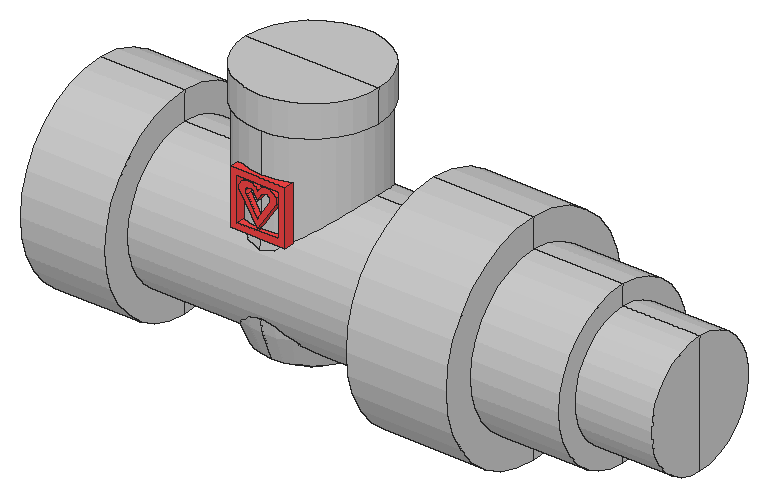
Revit family "RL-1 Rücklaufventil DG 3723", category Rohrzubehör, Revit 2019
Family settings
  Bemaßung runder Anschluss = Durchmesser verwenden
  Teiletyp = Unterbricht
  OmniClass-Nummer = 23.65.55.14
  OmniClass-Titel = Valves for Liquid Services
  Arbeitsebenenbasiert = Nein
  Immer vertikal = Nein
  Beim Laden mit Abzugskörper schneiden = Nein
  Gemeinsam genutzt = Nein
Parameters
  W01 = 60.00°  # constant formula
  URL = "www.herz-armaturen.at"
  SCRNSEQ = "ARM;ARM_TYP=\"ALLF\";2"
  SCRNCODE = "05;01;02"  # constant formula
  S04 = 45.000 mm  # constant formula
  S03 = 61.000 mm  # constant formula
  S02 [instance] = L05 + L06 + L07  # 63.900 mm
  S01 = 10.000 mm  # constant formula
  R06 = 11.000 mm  # constant formula
  R05 = 25.000 mm  # constant formula
  R04 = 2.000 mm  # constant formula
  R03 = 28.000 mm  # constant formula
  R02 = 11.500 mm  # constant formula
  R01 = 10.500 mm  # constant formula
  Nennweite [instance] = 20.000 mm
  Medium = "Heizwasserqualität entsprechend ÖNORM H 5195 bzw. VDI-Richtllinie 2035"
  Max.Betriebstemperatur = 120 °C  # constant formula
  Max.Betriebsdruck = 1000000.0 Pa  # constant formula
  LO1 = 7.000 mm  # constant formula
  L07 [instance] = size_lookup("3723_1_", "L7", 1.000 mm, Nennweite)  # 27.400 mm
  L06 [instance] = size_lookup("3723_1_", "L6", 1.000 mm, Nennweite)  # 16.500 mm
  L05 [instance] = L02 - L04  # 20.000 mm
  L04 [instance] = size_lookup("3723_1_", "L4", 1.000 mm, Nennweite)  # 10.000 mm
  L03 [instance] = size_lookup("3723_1_", "L3", 1.000 mm, Nennweite)  # 14.000 mm
  L02 [instance] = size_lookup("3723_1_", "L2", 1.000 mm, Nennweite)  # 30.000 mm
  L01 [instance] = size_lookup("3723_1_", "L1", 1.000 mm, Nennweite)  # 35.000 mm
  Hersteller = "HERZ Armaturen Ges.m.b.H."  # constant formula
  H05 = 5.200 mm  # constant formula
  H04 = 3.500 mm  # constant formula
  H03 = 28.000 mm  # constant formula
  H02 [instance] = 25.500 mm  # constant formula
  H01 = 17.000 mm  # constant formula
  Gehäuse = "vernickeltes Messing"  # constant formula
  GTI [instance] = size_lookup("3723_1_", "GT1", 1.000 mm, Nennweite)  # 12.700 mm
  GT [instance] = size_lookup("3723_1_", "GT", 1.000 mm, Nennweite)  # 9.500 mm
  G2 [instance] = Nennweite / 2  # 10.000 mm
  G1 [instance] = Nennweite / 2  # 10.000 mm
  D05 [instance] = size_lookup("3723_1_", "D5", 1.000 mm, Nennweite)  # 13.220 mm
  D04 [instance] = size_lookup("3723_1_", "D4", 1.000 mm, Nennweite)  # 18.000 mm
  D03 [instance] = size_lookup("3723_1_", "D3", 1.000 mm, Nennweite)  # 13.000 mm
  D02 [instance] = size_lookup("3723_1_", "D2", 1.000 mm, Nennweite)  # 12.000 mm
  D01 [instance] = size_lookup("3723_1_", "D1", 1.000 mm, Nennweite)  # 16.500 mm
  Bestellnummer [instance] = size_lookup("3723_1_", "Artnr", 0, Nennweite)  # 1372342
  Ausführungen = "Alle Modelle werden in vernickelter Ausführung geliefert und sind Universalmodelle mit Spezialmuffe für Gewinderohr und Klemmsetanschluß."
  Anwendungsgebiet = "Warmwasserheizungsanlagen\r\nDurch Einbau des Rücklaufventils ist der Heizkörper-Rücklaufanschluß absperrbar.\r\nDadurch kann bei gleichzeitiger Absperrung des Vorlaufventils der Heizkörper bei unter Druck stehender Anlage demontiert werden.\r\nEs ist dann möglich, Servicearbeiten oder Arbeiten an der Wand hinter dem Heizkörper (Tapezierung, Verﬂ iesung) durchzuführen, ohne die übrige Anlage stillsetzen zu müssen.\r\nIst eine Voreinstellung des Rücklaufventils oder Füllen und Entleeren von Heizkörper oder Anlage über das Rücklaufventil gefordert, wird der Einbau des Rücklaufventils HERZ-RL-5 empfohlen."
Reference planes
  plane 1 "Mitte (Vorne/hinten)": y = 0
  plane 2: z = 0
  plane 3 "Mitte (Links/rechts)": x = 0
Forms (mm)
  Revolve 1, solid, material "Messing, weicher Gelbton, geschweißt", detail levels fine
    sketch origin (0, 0, 0) x (1, 0, 0) y (0, 0, 1)
      loop
        line (-25.5, 0) -> (30, 0) -> (30, 13) -> (20, 13) -> (20, 12) -> (-21, 12) -> (-21, 16.5) -> (-35, 16.5) -> (-35, 10) -> (-25.5, 10) -> (-25.5, 0)
      axis (-35, 0) -> (30, 0)
    angle from 0 to 360
  Revolve 2, solid, material "Messing, weicher Gelbton, geschweißt", detail levels fine
    sketch origin (0, 0, 0) x (0, 1, 0) y (0, 0, 1)
      loop
        line (0, 25.5) -> (-10.5, 25.5) -> (-10.5, 7)
        arc (-10.5, 7) -> (-11.341, -2.816) -> (-8.325, -12.194) r 25
        line (-8.325, -12.194) -> (0, -17) -> (0, 25.5)
      axis (0, -17) -> (0, 25.5)
    angle from 0 to 360
  Revolve 3, solid, material "Messing, weicher Gelbton, geschweißt", detail levels fine
    sketch origin (0, 0, 0) x (1, 0, 0) y (0, 0, 1)
      loop
        line (30, 0) -> (63.9, 0) -> (63.9, 10) -> (51.2, 10) -> (51.2, 13.22) -> (36.5, 13.22) -> (36.5, 18) -> (20, 18) -> (20, 13) -> (30, 13) -> (30, 0)
      axis (20, 0) -> (63.9, 0)
    angle from 0 to 360
  Revolve 4, solid, material "Messing, weicher Gelbton, geschweißt", detail levels fine
    sketch origin (0, 0, 0) x (1, 0, 0) y (0, 0, 1)
      loop
        line (0, 22.8) -> (11, 22.8) -> (11, 28) -> (0, 28) -> (0, 22.8)
      axis (0, 28) -> (0, 22.8)
    angle from 0 to 360
Lines and regions (mm)
  model lines, detail levels coarse+medium
    curve 1: line (-35, 0, 16.5) -> (-35, 0, -16.5)
    curve 2: line (-35, 0, -16.5) -> (35, 0, 16.5)
    curve 3: line (35, 0, 16.5) -> (35, 0, -16.5)
    curve 4: line (35, 0, -16.5) -> (-35, 0, 16.5)
    curve 5: line (35, 0, 16.5) -> (45, 0, 16.5)
    curve 6: line (45, 0, 16.5) -> (35, 0, 0)
    curve 7: line (35, 0, -16.5) -> (45, 0, -16.5)
    curve 8: line (45, 0, -16.5) -> (35, 0, 0)
    curve 9: line (35, 0, 0) -> (63.9, 0, 0)
    curve 10: line (-35, 16.5, 0) -> (-35, -16.5, 0)
    curve 11: line (-35, -16.5, 0) -> (35, 16.5, 0)
    curve 12: line (35, 16.5, 0) -> (35, -16.5, 0)
    curve 13: line (35, -16.5, 0) -> (-35, 16.5, 0)
    curve 14: line (35, 16.5, 0) -> (45, 16.5, 0)
    curve 15: line (45, 16.5, 0) -> (35, 0, 0)
    curve 16: line (35, -16.5, 0) -> (45, -16.5, 0)
    curve 17: line (45, -16.5, 0) -> (35, 0, 0)
Dimensions and locks
  "L01": Revolve 1 sketch curve to plane 3 "Mitte (Links/rechts)"
  "L02": Revolve 1 sketch curve to plane 3 "Mitte (Links/rechts)"
  "G1": Revolve 1 sketch curve to plane 2
  "GT": Revolve 1 sketch curve to Revolve 1 sketch curve
  "D01": Revolve 1 sketch curve to Revolve 1 sketch curve
  "D02": Revolve 1 sketch curve to Revolve 1 sketch curve
  "D03": Revolve 1 sketch curve to Revolve 1 sketch curve
  "L03": Revolve 1 sketch curve to Revolve 1 sketch curve
  "L04": Revolve 1 sketch curve to Revolve 1 sketch curve
  "H01": plane 2 to Revolve 2 sketch curve
  "H02": Revolve 2 sketch curve to plane 2
  "R01": Revolve 2 sketch curve to plane 1 "Mitte (Vorne/hinten)"
  "R02": Revolve 2 sketch curve to plane 1 "Mitte (Vorne/hinten)"
  "D03": Revolve 3 sketch curve to plane 2
  "L04": Revolve 3 sketch curve to Revolve 3 sketch curve
  "L05": Revolve 3 sketch curve to plane 3 "Mitte (Links/rechts)"
  "L06": Revolve 3 sketch curve to Revolve 3 sketch curve
  "L07": Revolve 3 sketch curve to Revolve 3 sketch curve
  "D04": Revolve 3 sketch curve to Revolve 3 sketch curve
  "G2": Revolve 3 sketch curve to Revolve 3 sketch curve
  "D05": Revolve 3 sketch curve to Revolve 3 sketch curve
  "GTI": Revolve 3 sketch curve to Revolve 3 sketch curve
  "LO1": nested 1 to plane 2
  "D01": curve 4 to plane 2 to curve 2
  "D01": curve 3 to plane 2 to curve 4
  "L01": curve 1 to plane 3 "Mitte (Links/rechts)" to curve 3
  "S01": curve 3 to curve 6
  "S02": curve 9 to plane 3 "Mitte (Links/rechts)"
  "L01": curve 10 to plane 3 "Mitte (Links/rechts)" to curve 12
  "D01": curve 11 to plane 1 "Mitte (Vorne/hinten)" to curve 13
  "D01": curve 13 to plane 1 "Mitte (Vorne/hinten)" to curve 12
  "S01": curve 12 to curve 15
  "S01": curve 12 to curve 17
  "H03": Revolve 4 sketch curve to plane 2
  "H05": Revolve 4 sketch curve to Revolve 4 sketch curve
  "R06": Revolve 4 sketch curve to Revolve 4 sketch curve
  "R05": radius of Revolve 2 sketch curve
  "W01": angle Revolve 2 sketch curve to Revolve 2 sketch curve
  aligned and locked: level to plane 2
Automatic sketch dimensions
  curve 9 to level = 0.000 mm
  curve 3 to curve 8 = 10.000 mm
  plane 1 "Mitte (Vorne/hinten)" to curve 17 = 0.000 mm
  Revolve 1 sketch curve to level = 0.000 mm  (x2)
  Revolve 1 sketch curve to Revolve 1 sketch curve = 1436.530 mm
  Revolve 1 sketch curve to Revolve 1 sketch curve = 1779.148 mm
  Revolve 2 sketch curve to plane 1 "Mitte (Vorne/hinten)" = 0.000 mm  (x2)
  Revolve 2 sketch curve to level = 0.000 mm
  Revolve 2 sketch curve to Revolve 2 sketch curve = 98.333 mm
  Revolve 2 sketch curve to Revolve 2 sketch curve = 1236.335 mm
  Revolve 3 sketch curve to level = 0.000 mm  (x2)
  Revolve 3 sketch curve to plane 3 "Mitte (Links/rechts)" = 1506.530 mm
  Revolve 3 sketch curve to Revolve 3 sketch curve = 1789.648 mm
  Revolve 4 sketch curve to plane 3 "Mitte (Links/rechts)" = 0.000 mm  (x2)
  Revolve 4 sketch curve to level = 366.045 mm
  Revolve 4 sketch curve to Revolve 4 sketch curve = 2188.615 mm
Nested families
  nested 1: "Herz-Logo-vorne" at (0, -10.5, 11.5) x (0, 1, 0) z (0, 0, 1), type "Herz-Logo-vorne", detail levels fine
Connectors
  piping at (-25.5, 0, 0), diameter 20, driven by "Nennweite"
    settings: on Revolve 1, index 1, connector inside diameter 609.6 mm, connector length 0.000 mm, flow factor 0, pipe flow 0.0 L/s, pressure drop 0.0 Pa, fitting loss kfactor 0, connector angle 0.00°, fixture units 0, engagement length 0.000 mm, angle of deflection 0.00°, flow configuration 0, flow direction 1, fitting loss method 0, system type 8, joint type 0, gender type 0, connector reference index -1, connector utility 0, adjustable connector no, is connector primary yes, connector description ""
  piping at (63.9, 0, 0), diameter 20, driven by "Nennweite"
    settings: on Revolve 3, index 2, connector inside diameter 609.6 mm, connector length 0.000 mm, flow factor 0, pipe flow 0.0 L/s, pressure drop 0.0 Pa, fitting loss kfactor 0, connector angle 0.00°, fixture units 0, engagement length 0.000 mm, angle of deflection 0.00°, flow configuration 0, flow direction 2, fitting loss method 0, system type 8, joint type 0, gender type 0, connector reference index -1, connector utility 0, adjustable connector no, is connector primary no, connector description ""
Definition of nested family "Herz-Logo-vorne"
  Reference planes
    plane 1 "Mitte (Vorne/hinten)": y = 0
    plane 2: z = 0
    plane 3 "Mitte (Links/rechts)": x = 0
  Forms (mm)
    Extrusion 1, solid
      sketch origin (0.732, -0.018, 0.017) x (0, -1, 0) y (0, 0, 1)
        loop
          line (-0.018, -4.517) -> (4.482, -4.517) -> (4.482, 4.483) -> (-4.518, 4.483) -> (-4.518, -4.517) -> (-0.018, -4.517)
        loop
          line (-0.05, -3.48) -> (3.482, -3.48) -> (3.482, 3.483) -> (-3.518, 3.483) -> (-3.518, -3.48) -> (-0.05, -3.48)
        loop
          arc (-0.018, 2.383) -> (-1.543, 3.287) -> (-3.067, 2.383) r 1.738
          arc (-3.067, 2.383) -> (-3.191, 1.899) -> (-3.067, 1.415) r 1.009
          line (-3.067, 1.415) -> (-0.018, -3.281) -> (3.032, 1.415)
          arc (3.032, 1.415) -> (3.156, 1.899) -> (3.032, 2.383) r 1.009
          arc (3.032, 2.383) -> (1.507, 3.287) -> (-0.018, 2.383) r 1.738
        loop
          arc (1.885, 1.272) -> (2.005, 1.675) -> (1.885, 2.079) r 0.74
          arc (1.885, 2.079) -> (1.265, 2.416) -> (0.644, 2.079) r 0.74
          line (0.644, 2.079) -> (-0.018, 0.97) -> (-0.679, 2.079)
          arc (-0.679, 2.079) -> (-1.3, 2.416) -> (-1.921, 2.079) r 0.74
          arc (-1.921, 2.079) -> (-2.04, 1.675) -> (-1.921, 1.272) r 0.74
          line (-1.921, 1.272) -> (-0.018, -1.658) -> (1.885, 1.272)
      from 0 to 1.5
  Dimensions and locks
    aligned and locked: level to plane 2
